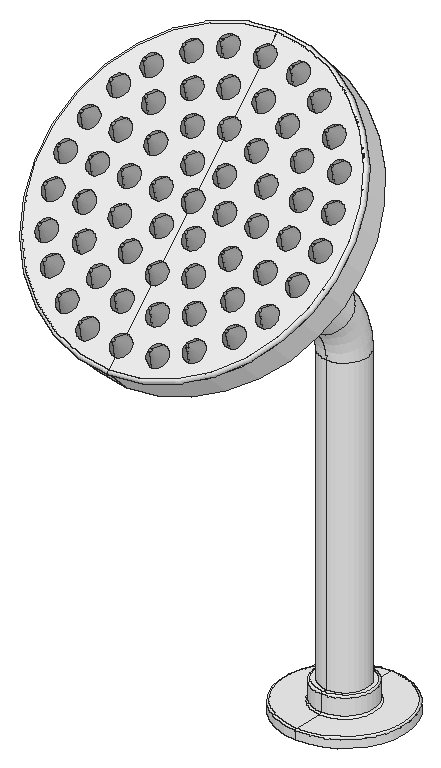
Revit family "Showerhead-Waterworks-Universal-6in_Rain", category Plumbing Fixtures, host Face, Revit 2014
Parameters (values of type "NOT A TYPE - Load Type Catalog")
  ‌Installation Requirements or Notes = "Shower Arm Sold Separately"  # constant formula
  Water Pressure = "Max: 85psi / Min: 20psi / Recommended: 45psi"  # constant formula
  Waste Connection = 1 = 0  # no
  Warranty = "http://www.waterworks.com/warranty"
  Version = "2014 - v1.0a"  # constant formula
  Vent Connection = 1 = 0  # no
  Support Phone = "(224) 699-9545"  # constant formula
  Support Email = "mailto:support@anguleris.com"
  Model SKU = if(Constraint = 1, "05-91802-17451", if(Constraint = 2, "05-32975-76709", if(Constraint = 3, "05-07424-16906", if(Constraint = 4, "05-19799-97665", if(Constraint = 5, "05-70720-85876", if(Constraint = 6, "05-73246-79172", if(Constraint = 7, "05-75429-38751", if(Constraint = 8, "05-06755-01645", if(Constraint = 9, "05-62353-66802", if(Constraint = 10, "05-26925-51770", if(Constraint = 11, "05-02722-94153", if(Constraint = 12, "05-61500-36924", if(Constraint = 13, "05-94303-66224", if(Constraint = 14, "05-48637-26631", if(Constraint = 15, "05-87581-84899", if(Constraint = 16, "05-75583-03809", if(Constraint = 17, "05-55188-02548", "Not Available")))))))))))))))))  # "05-91802-17451"
  Manufacturer Email = "mailto:acallanan@waterworks.com"
  Length = 0' - 5 15/16"  # constant formula
  Keynote = "22 40 00"
  Inlet Connection Diameter = 0' - 0 1/2"  # constant formula
  Water Connector = "Inlet - Female NPT"  # constant formula
  Height = 0' - 3 3/16"  # constant formula
  HW Connection = 1 = 1  # yes
  WFU = 0
  URL = "http://www.waterworks.com/"
  Product Page URL = "http://www.waterworks.com/universal-6-rain-shower-head-unsh29"
  Product Name = if(Constraint = 1, "Universal 6” Rain Shower Head in Antique Brass", if(Constraint = 2, "Universal 6” Rain Shower Head in Antique Copper", if(Constraint = 3, "Universal 6” Rain Shower Head in Architectural Bronze", if(Constraint = 4, "Universal 6” Rain Shower Head in Burnished Brass", if(Constraint = 5, "Universal 6” Rain Shower Head in Burnished Nickel", if(Constraint = 6, "Universal 6” Rain Shower Head in Carbon", if(Constraint = 7, "Universal 6” Rain Shower Head in Chrome", if(Constraint = 8, "Universal 6” Rain Shower Head in Gold", if(Constraint = 9, "Universal 6” Rain Shower Head in Graphite", if(Constraint = 10, "Universal 6” Rain Shower Head in Matte Gold", if(Constraint = 11, "Universal 6” Rain Shower Head in Matte Nickel", if(Constraint = 12, "Universal 6” Rain Shower Head in Nickel", if(Constraint = 13, "Universal 6” Rain Shower Head in Pewter", if(Constraint = 14, "Universal 6” Rain Shower Head in Shiny Copper", if(Constraint = 15, "Universal 6” Rain Shower Head in Sovereign", if(Constraint = 16, "Universal 6” Rain Shower Head in Unlacquered Brass", if(Constraint = 17, "Universal 6” Rain Shower Head in Vintage Brass", "Not Available")))))))))))))))))  # "Universal 6” Rain Shower Head in Antique Brass"
  Product Documentation Link = "http://assets.waterworks.com/wasset/101/original/35101.pdf"
  Pressure = 45.00 psi
  Model = "UNSH29"  # constant formula
  Material = ""
  Manufacturer Phone Number = "(203)546-6201"  # constant formula
  Manufacturer Address = "60 Backus Avenue, Danbury, CT 06810"  # constant formula
  Manufacturer = "Waterworks"  # constant formula
  HWFU = 0
  Finish = Metal - Waterworks - Chrome
  Domestic Water Flow Rate = 2 GPM  # constant formula
  Diameter of Head = 0' - 6"  # constant formula
  Description = if(Constraint = 1, "Universal 6” Rain Shower Head in Antique Brass", if(Constraint = 2, "Universal 6” Rain Shower Head in Antique Copper", if(Constraint = 3, "Universal 6” Rain Shower Head in Architectural Bronze", if(Constraint = 4, "Universal 6” Rain Shower Head in Burnished Brass", if(Constraint = 5, "Universal 6” Rain Shower Head in Burnished Nickel", if(Constraint = 6, "Universal 6” Rain Shower Head in Carbon", if(Constraint = 7, "Universal 6” Rain Shower Head in Chrome", if(Constraint = 8, "Universal 6” Rain Shower Head in Gold", if(Constraint = 9, "Universal 6” Rain Shower Head in Graphite", if(Constraint = 10, "Universal 6” Rain Shower Head in Matte Gold", if(Constraint = 11, "Universal 6” Rain Shower Head in Matte Nickel", if(Constraint = 12, "Universal 6” Rain Shower Head in Nickel", if(Constraint = 13, "Universal 6” Rain Shower Head in Pewter", if(Constraint = 14, "Universal 6” Rain Shower Head in Shiny Copper", if(Constraint = 15, "Universal 6” Rain Shower Head in Sovereign", if(Constraint = 16, "Universal 6” Rain Shower Head in Unlacquered Brass", if(Constraint = 17, "Universal 6” Rain Shower Head in Vintage Brass", "Not Available")))))))))))))))))  # "Universal 6” Rain Shower Head in Antique Brass"
  Depth = 0' - 5 15/16"  # constant formula
  Default Elevation = 6' - 6"
  Copyright = "@2017 Waterworks Operating Company LLC. All rights reserved"  # constant formula
  Constraint = 1
  Code Compliance = "Code # WWSH29: ASME A112.18.1 / CSA B125.1, IAPMO, State of MA, CEC, Watersense"  # constant formula
  Certification cUPC = 1 = 1  # yes
  Certification Watersense = 1 = 1  # yes
  Certification State of MA = 1 = 1  # yes
  Certification IAPMO = 1 = 1  # yes
  CWFU = 0
  CW Connection = 1 = 1  # yes
  Assembly Code = "D2010710"
  ADA Compliant = no
Reference planes (in)
  plane 1 "Center (Front/Back)": y = 0
  plane 2 "Back": z = 0
  plane 3 "Center (Left/Right)": x = 0
  plane 4 "Left": x = -1.1875
  plane 5 "Right": x = 1.1875
  plane 6 "Bottom": y = -2.125
  plane 7 "Spout Reach": z = 9
  plane 8 "Top": y = 1.1875
  plane 9: y = -1.1875
  plane 10: y = -0.4375
  plane 11: through (0, -1.64901, 12.65251) normal (0, -0.7071, 0.7071)
  plane 12: through (0, -1.81883, 12.82233) normal (0, -0.7071, 0.7071)
  plane 13 "Front": z = 12.66981
Forms (in)
  Revolve 1, solid, material "Metal - Waterworks - Chrome" <- "Finish"
    sketch origin (0, 0, 0) x (0, 1, 0) y (0, 0, 1)
      loop
        line (0, 0) -> (1.1875, 0) -> (1.1875, 0.15625)
        arc (1.1875, 0.15625) -> (1.17835, 0.17835) -> (1.15625, 0.1875) r 0.03125
        line (1.15625, 0.1875) -> (0.59375, 0.1875)
        arc (0.59375, 0.1875) -> (0.57165, 0.19665) -> (0.5625, 0.21875) r 0.03125
        line (0.5625, 0.21875) -> (0.5625, 0.53125)
        arc (0.5625, 0.53125) -> (0.55335, 0.55335) -> (0.53125, 0.5625) r 0.03125
        line (0.53125, 0.5625) -> (0.4375, 0.5625) -> (0.4375, 0.53125) -> (0, 0.53125) -> (0, 0)
      axis (0, 0.5625) -> (0, 0)
    angle from 0 to 360
  Sweep 2, solid, material "Metal - Waterworks - Chrome" <- "Finish"
    path origin (0, 0, 0) x (0, 1, 0) y (0, 0, 1)
      loop
        line (0, 0.53125) -> (0, 6.35723)
        arc (0, 6.35723) -> (-0.09515, 6.83559) -> (-0.36612, 7.24112) r 1.25
        line (-0.36612, 7.24112) -> (-1.3743, 8.2493)
    profile origin (0, 0, 3.44424) x (0, -1, 0) y (1, 0, 0)
      loop
        circle (0, 0) r 0.4375
  Revolve 3, solid, material "Metal - Waterworks - Chrome" <- "Finish"
    sketch origin (0, 0, 0) x (0, 1, 0) y (0, 0, 1)
      loop
        line (-1.13123, 8.49236) -> (-1.19752, 8.55866) -> (-1.1107, 8.64548) -> (-1.47036, 9.00514) -> (-1.61458, 8.9879) -> (-1.64896, 9.02228)
        arc (-1.64896, 9.02228) -> (-1.64924, 9.05711) -> (-1.65189, 9.09183) r 0.51181
        line (-1.65189, 9.09183) -> (-1.51813, 9.22559) -> (-1.68795, 9.39541) -> (-1.6518, 9.43156) -> (-1.91348, 9.69325) -> (-1.71165, 9.89508) -> (-2.58022, 10.76365) -> (-1.14374, 12.20013) -> (-1.53905, 12.59545) -> (-1.5655, 12.569)
        arc (-1.5655, 12.569) -> (-1.5655, 12.65251) -> (-1.64901, 12.65251) r 0.05906
        line (-1.64901, 12.65251) -> (-3.71326, 10.58826) -> (-1.3743, 8.2493) -> (-1.13123, 8.49236)
      axis (-1.3743, 8.2493) -> (-3.71326, 10.58826)
    angle from 0 to 360
  Blend 4, solid, material "Rubber - Waterworks - Gray"
    base sketch origin (0, -1.64901, 12.65251) x (0, 0.707107, 0.707107) y (-1, 0, 0)
      loop
        circle (-2.91929, 0) r 0.19727
    top sketch origin (0, -1.64901, 12.65251) x (0, 0.707107, 0.707107) y (-1, 0, 0)
      loop
        circle (-2.91929, 0) r 0.0332
    from 0 to 0.24016
  Blend 5, solid, material "Rubber - Waterworks - Gray"
    base sketch origin (0, -0.76513, 13.5364) x (0, 0.707107, 0.707107) y (-1, 0, 0)
      loop
        circle (-2.91929, 0) r 0.19727
    top sketch origin (0, -0.76513, 13.5364) x (0, 0.707107, 0.707107) y (-1, 0, 0)
      loop
        circle (-2.91929, 0) r 0.0332
    from 0 to 0.24016
  Blend 6, solid, material "Rubber - Waterworks - Gray"
    base sketch origin (0, 0.11875, 14.42028) x (0, 0.707107, 0.707107) y (-1, 0, 0)
      loop
        circle (-2.91929, 0) r 0.19727
    top sketch origin (0, 0.11875, 14.42028) x (0, 0.707107, 0.707107) y (-1, 0, 0)
      loop
        circle (-2.91929, 0) r 0.0332
    from 0 to 0.24016
  Blend 7, solid, material "Rubber - Waterworks - Gray"
    base sketch origin (-0.34375, -0.34412, 13.9574) x (0, 0.707107, 0.707107) y (-1, 0, 0)
      loop
        circle (-2.91929, 0) r 0.19727
    top sketch origin (-0.34375, -0.34412, 13.9574) x (0, 0.707107, 0.707107) y (-1, 0, 0)
      loop
        circle (-2.91929, 0) r 0.0332
    from 0 to 0.24016
  Blend 8, solid, material "Rubber - Waterworks - Gray"
    base sketch origin (-0.6875, 0.07688, 14.37841) x (0, 0.707107, 0.707107) y (-1, 0, 0)
      loop
        circle (-2.91929, 0) r 0.19727
    top sketch origin (-0.6875, 0.07688, 14.37841) x (0, 0.707107, 0.707107) y (-1, 0, 0)
      loop
        circle (-2.91929, 0) r 0.0332
    from 0 to 0.24016
  Blend 9, solid, material "Rubber - Waterworks - Gray"
    base sketch origin (-0.3125, -1.26628, 13.03525) x (0, 0.707107, 0.707107) y (-1, 0, 0)
      loop
        circle (-2.91929, 0) r 0.19727
    top sketch origin (-0.3125, -1.26628, 13.03525) x (0, 0.707107, 0.707107) y (-1, 0, 0)
      loop
        circle (-2.91929, 0) r 0.0332
    from 0 to 0.24016
  Blend 10, solid, material "Rubber - Waterworks - Gray"
    base sketch origin (-0.625, -0.88355, 13.41798) x (0, 0.707107, 0.707107) y (-1, 0, 0)
      loop
        circle (-2.91929, 0) r 0.19727
    top sketch origin (-0.625, -0.88355, 13.41798) x (0, 0.707107, 0.707107) y (-1, 0, 0)
      loop
        circle (-2.91929, 0) r 0.0332
    from 0 to 0.24016
  Blend 11, solid, material "Rubber - Waterworks - Gray"
    base sketch origin (-0.9375, -0.50081, 13.80071) x (0, 0.707107, 0.707107) y (-1, 0, 0)
      loop
        circle (-2.91929, 0) r 0.19727
    top sketch origin (-0.9375, -0.50081, 13.80071) x (0, 0.707107, 0.707107) y (-1, 0, 0)
      loop
        circle (-2.91929, 0) r 0.0332
    from 0 to 0.24016
  Blend 12, solid, material "Rubber - Waterworks - Gray"
    base sketch origin (-1.25, -0.11808, 14.18345) x (0, 0.707107, 0.707107) y (-1, 0, 0)
      loop
        circle (-2.91929, 0) r 0.19727
    top sketch origin (-1.25, -0.11808, 14.18345) x (0, 0.707107, 0.707107) y (-1, 0, 0)
      loop
        circle (-2.91929, 0) r 0.0332
    from 0 to 0.24016
  Blend 13, solid, material "Rubber - Waterworks - Gray"
    base sketch origin (-0.625, -1.64901, 12.65251) x (0, 0.707107, 0.707107) y (-1, 0, 0)
      loop
        circle (-2.91929, 0) r 0.19727
    top sketch origin (-0.625, -1.64901, 12.65251) x (0, 0.707107, 0.707107) y (-1, 0, 0)
      loop
        circle (-2.91929, 0) r 0.0332
    from 0 to 0.24016
  Blend 14, solid, material "Rubber - Waterworks - Gray"
    base sketch origin (-1.25, -1.64901, 12.65251) x (0, 0.707107, 0.707107) y (-1, 0, 0)
      loop
        circle (-2.91929, 0) r 0.19727
    top sketch origin (-1.25, -1.64901, 12.65251) x (0, 0.707107, 0.707107) y (-1, 0, 0)
      loop
        circle (-2.91929, 0) r 0.0332
    from 0 to 0.24016
  Blend 15, solid, material "Rubber - Waterworks - Gray"
    base sketch origin (-1.875, -1.64901, 12.65251) x (0, 0.707107, 0.707107) y (-1, 0, 0)
      loop
        circle (-2.91929, 0) r 0.19727
    top sketch origin (-1.875, -1.64901, 12.65251) x (0, 0.707107, 0.707107) y (-1, 0, 0)
      loop
        circle (-2.91929, 0) r 0.0332
    from 0 to 0.24016
  Blend 16, solid, material "Rubber - Waterworks - Gray"
    base sketch origin (-2.5, -1.64901, 12.65251) x (0, 0.707107, 0.707107) y (-1, 0, 0)
      loop
        circle (-2.91929, 0) r 0.19727
    top sketch origin (-2.5, -1.64901, 12.65251) x (0, 0.707107, 0.707107) y (-1, 0, 0)
      loop
        circle (-2.91929, 0) r 0.0332
    from 0 to 0.24016
  Blend 17, solid, material "Rubber - Waterworks - Gray"
    base sketch origin (-1.08253, -1.20707, 13.09446) x (0, 0.707107, 0.707107) y (-1, 0, 0)
      loop
        circle (-2.91929, 0) r 0.19727
    top sketch origin (-1.08253, -1.20707, 13.09446) x (0, 0.707107, 0.707107) y (-1, 0, 0)
      loop
        circle (-2.91929, 0) r 0.0332
    from 0 to 0.24016
  Blend 18, solid, material "Rubber - Waterworks - Gray"
    base sketch origin (-2.16506, -0.76513, 13.5364) x (0, 0.707107, 0.707107) y (-1, 0, 0)
      loop
        circle (-2.91929, 0) r 0.19727
    top sketch origin (-2.16506, -0.76513, 13.5364) x (0, 0.707107, 0.707107) y (-1, 0, 0)
      loop
        circle (-2.91929, 0) r 0.0332
    from 0 to 0.24016
  Blend 19, solid, material "Rubber - Waterworks - Gray"
    base sketch origin (-1.77003, -1.20707, 13.09446) x (0, 0.707107, 0.707107) y (-1, 0, 0)
      loop
        circle (-2.91929, 0) r 0.19727
    top sketch origin (-1.77003, -1.20707, 13.09446) x (0, 0.707107, 0.707107) y (-1, 0, 0)
      loop
        circle (-2.91929, 0) r 0.0332
    from 0 to 0.24016
  Blend 20, solid, material "Rubber - Waterworks - Gray"
    base sketch origin (-2.39503, -1.20707, 13.09446) x (0, 0.707107, 0.707107) y (-1, 0, 0)
      loop
        circle (-2.91929, 0) r 0.19727
    top sketch origin (-2.39503, -1.20707, 13.09446) x (0, 0.707107, 0.707107) y (-1, 0, 0)
      loop
        circle (-2.91929, 0) r 0.0332
    from 0 to 0.24016
  Blend 21, solid, material "Rubber - Waterworks - Gray"
    base sketch origin (-1.45697, -0.79936, 13.50216) x (0, 0.707107, 0.707107) y (-1, 0, 0)
      loop
        circle (-2.91929, 0) r 0.19727
    top sketch origin (-1.45697, -0.79936, 13.50216) x (0, 0.707107, 0.707107) y (-1, 0, 0)
      loop
        circle (-2.91929, 0) r 0.0332
    from 0 to 0.24016
  Blend 22, solid, material "Rubber - Waterworks - Gray"
    base sketch origin (-1.78817, -0.42458, 13.87695) x (0, 0.707107, 0.707107) y (-1, 0, 0)
      loop
        circle (-2.91929, 0) r 0.19727
    top sketch origin (-1.78817, -0.42458, 13.87695) x (0, 0.707107, 0.707107) y (-1, 0, 0)
      loop
        circle (-2.91929, 0) r 0.0332
    from 0 to 0.24016
  Blend 23, solid, material "Rubber - Waterworks - Gray"
    base sketch origin (0.34375, -0.34412, 13.9574) x (0, 0.707107, 0.707107) y (-1, 0, 0)
      loop
        circle (-2.91929, 0) r 0.19727
    top sketch origin (0.34375, -0.34412, 13.9574) x (0, 0.707107, 0.707107) y (-1, 0, 0)
      loop
        circle (-2.91929, 0) r 0.0332
    from 0 to 0.24016
  Blend 24, solid, material "Rubber - Waterworks - Gray"
    base sketch origin (0.6875, 0.07688, 14.37841) x (0, 0.707107, 0.707107) y (-1, 0, 0)
      loop
        circle (-2.91929, 0) r 0.19727
    top sketch origin (0.6875, 0.07688, 14.37841) x (0, 0.707107, 0.707107) y (-1, 0, 0)
      loop
        circle (-2.91929, 0) r 0.0332
    from 0 to 0.24016
  Blend 25, solid, material "Rubber - Waterworks - Gray"
    base sketch origin (0.3125, -1.26628, 13.03525) x (0, 0.707107, 0.707107) y (-1, 0, 0)
      loop
        circle (-2.91929, 0) r 0.19727
    top sketch origin (0.3125, -1.26628, 13.03525) x (0, 0.707107, 0.707107) y (-1, 0, 0)
      loop
        circle (-2.91929, 0) r 0.0332
    from 0 to 0.24016
  Blend 26, solid, material "Rubber - Waterworks - Gray"
    base sketch origin (0.625, -0.88355, 13.41798) x (0, 0.707107, 0.707107) y (-1, 0, 0)
      loop
        circle (-2.91929, 0) r 0.19727
    top sketch origin (0.625, -0.88355, 13.41798) x (0, 0.707107, 0.707107) y (-1, 0, 0)
      loop
        circle (-2.91929, 0) r 0.0332
    from 0 to 0.24016
  Blend 27, solid, material "Rubber - Waterworks - Gray"
    base sketch origin (0.9375, -0.50081, 13.80071) x (0, 0.707107, 0.707107) y (-1, 0, 0)
      loop
        circle (-2.91929, 0) r 0.19727
    top sketch origin (0.9375, -0.50081, 13.80071) x (0, 0.707107, 0.707107) y (-1, 0, 0)
      loop
        circle (-2.91929, 0) r 0.0332
    from 0 to 0.24016
  Blend 28, solid, material "Rubber - Waterworks - Gray"
    base sketch origin (1.25, -0.11808, 14.18345) x (0, 0.707107, 0.707107) y (-1, 0, 0)
      loop
        circle (-2.91929, 0) r 0.19727
    top sketch origin (1.25, -0.11808, 14.18345) x (0, 0.707107, 0.707107) y (-1, 0, 0)
      loop
        circle (-2.91929, 0) r 0.0332
    from 0 to 0.24016
  Blend 29, solid, material "Rubber - Waterworks - Gray"
    base sketch origin (0.625, -1.64901, 12.65251) x (0, 0.707107, 0.707107) y (-1, 0, 0)
      loop
        circle (-2.91929, 0) r 0.19727
    top sketch origin (0.625, -1.64901, 12.65251) x (0, 0.707107, 0.707107) y (-1, 0, 0)
      loop
        circle (-2.91929, 0) r 0.0332
    from 0 to 0.24016
  Blend 30, solid, material "Rubber - Waterworks - Gray"
    base sketch origin (1.25, -1.64901, 12.65251) x (0, 0.707107, 0.707107) y (-1, 0, 0)
      loop
        circle (-2.91929, 0) r 0.19727
    top sketch origin (1.25, -1.64901, 12.65251) x (0, 0.707107, 0.707107) y (-1, 0, 0)
      loop
        circle (-2.91929, 0) r 0.0332
    from 0 to 0.24016
  Blend 31, solid, material "Rubber - Waterworks - Gray"
    base sketch origin (1.875, -1.64901, 12.65251) x (0, 0.707107, 0.707107) y (-1, 0, 0)
      loop
        circle (-2.91929, 0) r 0.19727
    top sketch origin (1.875, -1.64901, 12.65251) x (0, 0.707107, 0.707107) y (-1, 0, 0)
      loop
        circle (-2.91929, 0) r 0.0332
    from 0 to 0.24016
  Blend 32, solid, material "Rubber - Waterworks - Gray"
    base sketch origin (2.5, -1.64901, 12.65251) x (0, 0.707107, 0.707107) y (-1, 0, 0)
      loop
        circle (-2.91929, 0) r 0.19727
    top sketch origin (2.5, -1.64901, 12.65251) x (0, 0.707107, 0.707107) y (-1, 0, 0)
      loop
        circle (-2.91929, 0) r 0.0332
    from 0 to 0.24016
  Blend 33, solid, material "Rubber - Waterworks - Gray"
    base sketch origin (1.08253, -1.20707, 13.09446) x (0, 0.707107, 0.707107) y (-1, 0, 0)
      loop
        circle (-2.91929, 0) r 0.19727
    top sketch origin (1.08253, -1.20707, 13.09446) x (0, 0.707107, 0.707107) y (-1, 0, 0)
      loop
        circle (-2.91929, 0) r 0.0332
    from 0 to 0.24016
  Blend 34, solid, material "Rubber - Waterworks - Gray"
    base sketch origin (2.16506, -0.76513, 13.5364) x (0, 0.707107, 0.707107) y (-1, 0, 0)
      loop
        circle (-2.91929, 0) r 0.19727
    top sketch origin (2.16506, -0.76513, 13.5364) x (0, 0.707107, 0.707107) y (-1, 0, 0)
      loop
        circle (-2.91929, 0) r 0.0332
    from 0 to 0.24016
  Blend 35, solid, material "Rubber - Waterworks - Gray"
    base sketch origin (1.77003, -1.20707, 13.09446) x (0, 0.707107, 0.707107) y (-1, 0, 0)
      loop
        circle (-2.91929, 0) r 0.19727
    top sketch origin (1.77003, -1.20707, 13.09446) x (0, 0.707107, 0.707107) y (-1, 0, 0)
      loop
        circle (-2.91929, 0) r 0.0332
    from 0 to 0.24016
  Blend 36, solid, material "Rubber - Waterworks - Gray"
    base sketch origin (2.39503, -1.20707, 13.09446) x (0, 0.707107, 0.707107) y (-1, 0, 0)
      loop
        circle (-2.91929, 0) r 0.19727
    top sketch origin (2.39503, -1.20707, 13.09446) x (0, 0.707107, 0.707107) y (-1, 0, 0)
      loop
        circle (-2.91929, 0) r 0.0332
    from 0 to 0.24016
  Blend 37, solid, material "Rubber - Waterworks - Gray"
    base sketch origin (1.45697, -0.79936, 13.50216) x (0, 0.707107, 0.707107) y (-1, 0, 0)
      loop
        circle (-2.91929, 0) r 0.19727
    top sketch origin (1.45697, -0.79936, 13.50216) x (0, 0.707107, 0.707107) y (-1, 0, 0)
      loop
        circle (-2.91929, 0) r 0.0332
    from 0 to 0.24016
  Blend 38, solid, material "Rubber - Waterworks - Gray"
    base sketch origin (1.78817, -0.42458, 13.87695) x (0, 0.707107, 0.707107) y (-1, 0, 0)
      loop
        circle (-2.91929, 0) r 0.19727
    top sketch origin (1.78817, -0.42458, 13.87695) x (0, 0.707107, 0.707107) y (-1, 0, 0)
      loop
        circle (-2.91929, 0) r 0.0332
    from 0 to 0.24016
  Blend 39, solid, material "Rubber - Waterworks - Gray"
    base sketch origin (0, -6.6614, 7.64013) x (0, -0.707107, -0.707107) y (1, 0, 0)
      loop
        circle (-2.91929, 0) r 0.19727
    top sketch origin (0, -6.6614, 7.64013) x (0, -0.707107, -0.707107) y (1, 0, 0)
      loop
        circle (-2.91929, 0) r 0.0332
    from 0 to 0.24016
  Blend 40, solid, material "Rubber - Waterworks - Gray"
    base sketch origin (0, -7.54528, 6.75625) x (0, -0.707107, -0.707107) y (1, 0, 0)
      loop
        circle (-2.91929, 0) r 0.19727
    top sketch origin (0, -7.54528, 6.75625) x (0, -0.707107, -0.707107) y (1, 0, 0)
      loop
        circle (-2.91929, 0) r 0.0332
    from 0 to 0.24016
  Blend 41, solid, material "Rubber - Waterworks - Gray"
    base sketch origin (-0.34375, -7.0824, 7.21912) x (0, -0.707107, -0.707107) y (1, 0, 0)
      loop
        circle (-2.91929, 0) r 0.19727
    top sketch origin (-0.34375, -7.0824, 7.21912) x (0, -0.707107, -0.707107) y (1, 0, 0)
      loop
        circle (-2.91929, 0) r 0.0332
    from 0 to 0.24016
  Blend 42, solid, material "Rubber - Waterworks - Gray"
    base sketch origin (-0.6875, -7.50341, 6.79812) x (0, -0.707107, -0.707107) y (1, 0, 0)
      loop
        circle (-2.91929, 0) r 0.19727
    top sketch origin (-0.6875, -7.50341, 6.79812) x (0, -0.707107, -0.707107) y (1, 0, 0)
      loop
        circle (-2.91929, 0) r 0.0332
    from 0 to 0.24016
  Blend 43, solid, material "Rubber - Waterworks - Gray"
    base sketch origin (-0.3125, -6.16025, 8.14128) x (0, -0.707107, -0.707107) y (1, 0, 0)
      loop
        circle (-2.91929, 0) r 0.19727
    top sketch origin (-0.3125, -6.16025, 8.14128) x (0, -0.707107, -0.707107) y (1, 0, 0)
      loop
        circle (-2.91929, 0) r 0.0332
    from 0 to 0.24016
  Blend 44, solid, material "Rubber - Waterworks - Gray"
    base sketch origin (-0.625, -6.54298, 7.75855) x (0, -0.707107, -0.707107) y (1, 0, 0)
      loop
        circle (-2.91929, 0) r 0.19727
    top sketch origin (-0.625, -6.54298, 7.75855) x (0, -0.707107, -0.707107) y (1, 0, 0)
      loop
        circle (-2.91929, 0) r 0.0332
    from 0 to 0.24016
  Blend 45, solid, material "Rubber - Waterworks - Gray"
    base sketch origin (-0.9375, -6.92571, 7.37581) x (0, -0.707107, -0.707107) y (1, 0, 0)
      loop
        circle (-2.91929, 0) r 0.19727
    top sketch origin (-0.9375, -6.92571, 7.37581) x (0, -0.707107, -0.707107) y (1, 0, 0)
      loop
        circle (-2.91929, 0) r 0.0332
    from 0 to 0.24016
  Blend 46, solid, material "Rubber - Waterworks - Gray"
    base sketch origin (-1.25, -7.30845, 6.99308) x (0, -0.707107, -0.707107) y (1, 0, 0)
      loop
        circle (-2.91929, 0) r 0.19727
    top sketch origin (-1.25, -7.30845, 6.99308) x (0, -0.707107, -0.707107) y (1, 0, 0)
      loop
        circle (-2.91929, 0) r 0.0332
    from 0 to 0.24016
  Blend 47, solid, material "Rubber - Waterworks - Gray"
    base sketch origin (-1.08253, -6.21946, 8.08207) x (0, -0.707107, -0.707107) y (1, 0, 0)
      loop
        circle (-2.91929, 0) r 0.19727
    top sketch origin (-1.08253, -6.21946, 8.08207) x (0, -0.707107, -0.707107) y (1, 0, 0)
      loop
        circle (-2.91929, 0) r 0.0332
    from 0 to 0.24016
  Blend 48, solid, material "Rubber - Waterworks - Gray"
    base sketch origin (-2.16506, -6.6614, 7.64013) x (0, -0.707107, -0.707107) y (1, 0, 0)
      loop
        circle (-2.91929, 0) r 0.19727
    top sketch origin (-2.16506, -6.6614, 7.64013) x (0, -0.707107, -0.707107) y (1, 0, 0)
      loop
        circle (-2.91929, 0) r 0.0332
    from 0 to 0.24016
  Blend 49, solid, material "Rubber - Waterworks - Gray"
    base sketch origin (-1.77003, -6.21946, 8.08207) x (0, -0.707107, -0.707107) y (1, 0, 0)
      loop
        circle (-2.91929, 0) r 0.19727
    top sketch origin (-1.77003, -6.21946, 8.08207) x (0, -0.707107, -0.707107) y (1, 0, 0)
      loop
        circle (-2.91929, 0) r 0.0332
    from 0 to 0.24016
  Blend 50, solid, material "Rubber - Waterworks - Gray"
    base sketch origin (-2.39503, -6.21946, 8.08207) x (0, -0.707107, -0.707107) y (1, 0, 0)
      loop
        circle (-2.91929, 0) r 0.19727
    top sketch origin (-2.39503, -6.21946, 8.08207) x (0, -0.707107, -0.707107) y (1, 0, 0)
      loop
        circle (-2.91929, 0) r 0.0332
    from 0 to 0.24016
  Blend 51, solid, material "Rubber - Waterworks - Gray"
    base sketch origin (-1.45697, -6.62716, 7.67436) x (0, -0.707107, -0.707107) y (1, 0, 0)
      loop
        circle (-2.91929, 0) r 0.19727
    top sketch origin (-1.45697, -6.62716, 7.67436) x (0, -0.707107, -0.707107) y (1, 0, 0)
      loop
        circle (-2.91929, 0) r 0.0332
    from 0 to 0.24016
  Blend 52, solid, material "Rubber - Waterworks - Gray"
    base sketch origin (-1.78817, -7.00195, 7.29958) x (0, -0.707107, -0.707107) y (1, 0, 0)
      loop
        circle (-2.91929, 0) r 0.19727
    top sketch origin (-1.78817, -7.00195, 7.29958) x (0, -0.707107, -0.707107) y (1, 0, 0)
      loop
        circle (-2.91929, 0) r 0.0332
    from 0 to 0.24016
  Blend 53, solid, material "Rubber - Waterworks - Gray"
    base sketch origin (0.34375, -7.0824, 7.21912) x (0, -0.707107, -0.707107) y (1, 0, 0)
      loop
        circle (-2.91929, 0) r 0.19727
    top sketch origin (0.34375, -7.0824, 7.21912) x (0, -0.707107, -0.707107) y (1, 0, 0)
      loop
        circle (-2.91929, 0) r 0.0332
    from 0 to 0.24016
  Blend 54, solid, material "Rubber - Waterworks - Gray"
    base sketch origin (0.6875, -7.50341, 6.79812) x (0, -0.707107, -0.707107) y (1, 0, 0)
      loop
        circle (-2.91929, 0) r 0.19727
    top sketch origin (0.6875, -7.50341, 6.79812) x (0, -0.707107, -0.707107) y (1, 0, 0)
      loop
        circle (-2.91929, 0) r 0.0332
    from 0 to 0.24016
  Blend 55, solid, material "Rubber - Waterworks - Gray"
    base sketch origin (0.3125, -6.16025, 8.14128) x (0, -0.707107, -0.707107) y (1, 0, 0)
      loop
        circle (-2.91929, 0) r 0.19727
    top sketch origin (0.3125, -6.16025, 8.14128) x (0, -0.707107, -0.707107) y (1, 0, 0)
      loop
        circle (-2.91929, 0) r 0.0332
    from 0 to 0.24016
  Blend 56, solid, material "Rubber - Waterworks - Gray"
    base sketch origin (0.625, -6.54298, 7.75855) x (0, -0.707107, -0.707107) y (1, 0, 0)
      loop
        circle (-2.91929, 0) r 0.19727
    top sketch origin (0.625, -6.54298, 7.75855) x (0, -0.707107, -0.707107) y (1, 0, 0)
      loop
        circle (-2.91929, 0) r 0.0332
    from 0 to 0.24016
  Blend 57, solid, material "Rubber - Waterworks - Gray"
    base sketch origin (0.9375, -6.92571, 7.37581) x (0, -0.707107, -0.707107) y (1, 0, 0)
      loop
        circle (-2.91929, 0) r 0.19727
    top sketch origin (0.9375, -6.92571, 7.37581) x (0, -0.707107, -0.707107) y (1, 0, 0)
      loop
        circle (-2.91929, 0) r 0.0332
    from 0 to 0.24016
  Blend 58, solid, material "Rubber - Waterworks - Gray"
    base sketch origin (1.25, -7.30845, 6.99308) x (0, -0.707107, -0.707107) y (1, 0, 0)
      loop
        circle (-2.91929, 0) r 0.19727
    top sketch origin (1.25, -7.30845, 6.99308) x (0, -0.707107, -0.707107) y (1, 0, 0)
      loop
        circle (-2.91929, 0) r 0.0332
    from 0 to 0.24016
  Blend 59, solid, material "Rubber - Waterworks - Gray"
    base sketch origin (1.08253, -6.21946, 8.08207) x (0, -0.707107, -0.707107) y (1, 0, 0)
      loop
        circle (-2.91929, 0) r 0.19727
    top sketch origin (1.08253, -6.21946, 8.08207) x (0, -0.707107, -0.707107) y (1, 0, 0)
      loop
        circle (-2.91929, 0) r 0.0332
    from 0 to 0.24016
  Blend 60, solid, material "Rubber - Waterworks - Gray"
    base sketch origin (2.16506, -6.6614, 7.64013) x (0, -0.707107, -0.707107) y (1, 0, 0)
      loop
        circle (-2.91929, 0) r 0.19727
    top sketch origin (2.16506, -6.6614, 7.64013) x (0, -0.707107, -0.707107) y (1, 0, 0)
      loop
        circle (-2.91929, 0) r 0.0332
    from 0 to 0.24016
  Blend 61, solid, material "Rubber - Waterworks - Gray"
    base sketch origin (1.77003, -6.21946, 8.08207) x (0, -0.707107, -0.707107) y (1, 0, 0)
      loop
        circle (-2.91929, 0) r 0.19727
    top sketch origin (1.77003, -6.21946, 8.08207) x (0, -0.707107, -0.707107) y (1, 0, 0)
      loop
        circle (-2.91929, 0) r 0.0332
    from 0 to 0.24016
  Blend 62, solid, material "Rubber - Waterworks - Gray"
    base sketch origin (2.39503, -6.21946, 8.08207) x (0, -0.707107, -0.707107) y (1, 0, 0)
      loop
        circle (-2.91929, 0) r 0.19727
    top sketch origin (2.39503, -6.21946, 8.08207) x (0, -0.707107, -0.707107) y (1, 0, 0)
      loop
        circle (-2.91929, 0) r 0.0332
    from 0 to 0.24016
  Blend 63, solid, material "Rubber - Waterworks - Gray"
    base sketch origin (1.45697, -6.62716, 7.67436) x (0, -0.707107, -0.707107) y (1, 0, 0)
      loop
        circle (-2.91929, 0) r 0.19727
    top sketch origin (1.45697, -6.62716, 7.67436) x (0, -0.707107, -0.707107) y (1, 0, 0)
      loop
        circle (-2.91929, 0) r 0.0332
    from 0 to 0.24016
  Blend 64, solid, material "Rubber - Waterworks - Gray"
    base sketch origin (1.78817, -7.00195, 7.29958) x (0, -0.707107, -0.707107) y (1, 0, 0)
      loop
        circle (-2.91929, 0) r 0.19727
    top sketch origin (1.78817, -7.00195, 7.29958) x (0, -0.707107, -0.707107) y (1, 0, 0)
      loop
        circle (-2.91929, 0) r 0.0332
    from 0 to 0.24016
Lines and regions (in)
  Masking region 1, detail levels coarse
    outline origin (0, 1.1875, 3.625) x (0, 0, -1) y (-1, 0, 0)
      loop
        line (3.4375, -0.4375) -> (3.4375, -1.1875) -> (3.625, -1.1875) -> (3.625, 1.1875) -> (3.4375, 1.1875) -> (3.4375, 0.4375) -> (-4.41675, 0.4375)
        spline (-4.41675, 0.4375) -> (-4.46784, 0.7802) -> (-4.54722, 1.11195) -> (-4.65379, 1.4281) -> (-4.78604, 1.72421) -> (-4.94212, 1.99613) -> (-5.11984, 2.24004) -> (-5.31671, 2.45252) -> (-5.52996, 2.63059) -> (-5.75661, 2.77175) -> (-5.99347, 2.87401) -> (-6.23722, 2.93595) -> (-6.48444, 2.95669)
        line (-6.48444, 2.95669) -> (-6.95411, 2.95669)
        spline (-6.95411, 2.95669) -> (-7.49523, 2.85595) -> (-7.99946, 2.56057) -> (-8.43246, 2.0907) -> (-8.76471, 1.47835) -> (-8.97357, 0.76525) -> (-9.04481, 0) -> (-8.97357, -0.76525) -> (-8.76471, -1.47835) -> (-8.43246, -2.0907) -> (-7.99946, -2.56057) -> (-7.49523, -2.85595) -> (-6.95411, -2.95669)
        line (-6.95411, -2.95669) -> (-6.48444, -2.95669)
        spline (-6.48444, -2.95669) -> (-6.23722, -2.93595) -> (-5.99347, -2.87401) -> (-5.75661, -2.77175) -> (-5.52996, -2.63059) -> (-5.31671, -2.45252) -> (-5.11984, -2.24004) -> (-4.94212, -1.99613) -> (-4.78604, -1.72421) -> (-4.65379, -1.4281) -> (-4.54722, -1.11195) -> (-4.46784, -0.7802) -> (-4.41675, -0.4375)
        line (-4.41675, -0.4375) -> (3.4375, -0.4375)
  Masking region 2, detail levels medium+fine
    outline origin (0, 1.1875, 3.625) x (0, 0, -1) y (-1, 0, 0)
      loop
        line (3.0625, -0.4375) -> (3.0625, -0.53125)
        arc (3.0625, -0.53125) -> (3.07165, -0.55335) -> (3.09375, -0.5625) r 0.03125
        line (3.09375, -0.5625) -> (3.40625, -0.5625)
        arc (3.40625, -0.5625) -> (3.42835, -0.57165) -> (3.4375, -0.59375) r 0.03125
        line (3.4375, -0.59375) -> (3.4375, -1.15625)
        arc (3.4375, -1.15625) -> (3.44665, -1.17835) -> (3.46875, -1.1875) r 0.03125
        line (3.46875, -1.1875) -> (3.625, -1.1875) -> (3.625, 1.1875) -> (3.46875, 1.1875)
        arc (3.46875, 1.1875) -> (3.44665, 1.17835) -> (3.4375, 1.15625) r 0.03125
        line (3.4375, 1.15625) -> (3.4375, 0.59375)
        arc (3.4375, 0.59375) -> (3.42835, 0.57165) -> (3.40625, 0.5625) r 0.03125
        line (3.40625, 0.5625) -> (3.09375, 0.5625)
        arc (3.09375, 0.5625) -> (3.07165, 0.55335) -> (3.0625, 0.53125) r 0.03125
        line (3.0625, 0.53125) -> (3.0625, 0.4375) -> (-4.41675, 0.4375)
        spline (-4.41675, 0.4375) -> (-4.46784, 0.7802) -> (-4.54722, 1.11195) -> (-4.65379, 1.4281) -> (-4.78604, 1.72421) -> (-4.94212, 1.99613) -> (-5.11984, 2.24004) -> (-5.31671, 2.45252) -> (-5.52996, 2.63059) -> (-5.75661, 2.77175) -> (-5.99347, 2.87401) -> (-6.23722, 2.93595) -> (-6.48444, 2.95669)
        line (-6.48444, 2.95669) -> (-6.66118, 2.95669)
        spline (-6.66118, 2.95669) -> (-7.25885, 2.9397) -> (-7.82955, 2.69062) -> (-8.32823, 2.22913) -> (-8.71551, 1.59166) -> (-8.96083, 0.82854) -> (-9.04481, 0) -> (-8.96083, -0.82854) -> (-8.71551, -1.59166) -> (-8.32823, -2.22913) -> (-7.82955, -2.69062) -> (-7.25885, -2.9397) -> (-6.66118, -2.95669)
        line (-6.66118, -2.95669) -> (-6.48444, -2.95669)
        spline (-6.48444, -2.95669) -> (-6.23722, -2.93595) -> (-5.99347, -2.87401) -> (-5.75661, -2.77175) -> (-5.52996, -2.63059) -> (-5.31671, -2.45252) -> (-5.11984, -2.24004) -> (-4.94212, -1.99613) -> (-4.78604, -1.72421) -> (-4.65379, -1.4281) -> (-4.54722, -1.11195) -> (-4.46784, -0.7802) -> (-4.41675, -0.4375)
        line (-4.41675, -0.4375) -> (3.0625, -0.4375)
  symbolic lines, style "Medium", detail levels fine
    curve 1: spline (-2.95669, 1.1875, 10.50475) -> (-2.85595, 1.1875, 11.04586) -> (-2.56057, 1.1875, 11.5501) -> (-2.0907, 1.1875, 11.98309) -> (-1.47835, 1.1875, 12.31534) -> (-0.76525, 1.1875, 12.52421) -> (0, 1.1875, 12.59545) -> (0.76525, 1.1875, 12.52421) -> (1.47835, 1.1875, 12.31534) -> (2.0907, 1.1875, 11.98309) -> (2.56057, 1.1875, 11.5501) -> (2.85595, 1.1875, 11.04586) -> (2.95669, 1.1875, 10.50475)
    curve 2: line (2.95669, 1.1875, 10.50475) -> (2.95669, 1.1875, 10.28618)
    curve 3: line (-2.95669, 1.1875, 10.50475) -> (-2.95669, 1.1875, 10.28618)
    curve 4: spline (-0.9252, 1.1875, 10.10944) -> (-0.89367, 1.1875, 10.27876) -> (-0.80124, 1.1875, 10.43654) -> (-0.65421, 1.1875, 10.57203) -> (-0.4626, 1.1875, 10.676) -> (-0.23946, 1.1875, 10.74136) -> (0, 1.1875, 10.76365) -> (0.23946, 1.1875, 10.74136) -> (0.4626, 1.1875, 10.676) -> (0.65421, 1.1875, 10.57203) -> (0.80124, 1.1875, 10.43654) -> (0.89367, 1.1875, 10.27876) -> (0.9252, 1.1875, 10.10944)
    curve 5: spline (-0.57782, 1.1875, 8.72992) -> (-0.81846, 1.1875, 8.93581) -> (-0.92267, 1.1875, 9.19255) -> (-0.87307, 1.1875, 9.45735) -> (-0.67794, 1.1875, 9.68605) -> (-0.36979, 1.1875, 9.84055) -> (0, 1.1875, 9.89508) -> (0.36979, 1.1875, 9.84055) -> (0.67794, 1.1875, 9.68605) -> (0.87307, 1.1875, 9.45735) -> (0.92267, 1.1875, 9.19255) -> (0.81846, 1.1875, 8.93581) -> (0.57782, 1.1875, 8.72992)
    curve 6: spline (-0.63976, 1.1875, 9.24086) -> (-0.61796, 1.1875, 9.35795) -> (-0.55405, 1.1875, 9.46705) -> (-0.45238, 1.1875, 9.56075) -> (-0.31988, 1.1875, 9.63264) -> (-0.16558, 1.1875, 9.67783) -> (0, 1.1875, 9.69325) -> (0.16558, 1.1875, 9.67783) -> (0.31988, 1.1875, 9.63264) -> (0.45238, 1.1875, 9.56075) -> (0.55405, 1.1875, 9.46705) -> (0.61796, 1.1875, 9.35795) -> (0.63976, 1.1875, 9.24086)
    curve 7: spline (-0.58854, 1.1875, 8.80181) -> (-0.63802, 1.1875, 8.94576) -> (-0.61908, 1.1875, 9.09329) -> (-0.53375, 1.1875, 9.22859) -> (-0.39119, 1.1875, 9.33714) -> (-0.20667, 1.1875, 9.4073) -> (0, 1.1875, 9.43156) -> (0.20667, 1.1875, 9.4073) -> (0.39119, 1.1875, 9.33714) -> (0.53375, 1.1875, 9.22859) -> (0.61908, 1.1875, 9.09329) -> (0.63802, 1.1875, 8.94576) -> (0.58854, 1.1875, 8.80181)
    curve 8: spline (-0.5879, 1.1875, 9) -> (-0.56173, 1.1875, 9.10357) -> (-0.49967, 1.1875, 9.1992) -> (-0.40568, 1.1875, 9.28077) -> (-0.28577, 1.1875, 9.34306) -> (-0.1476, 1.1875, 9.38211) -> (0, 1.1875, 9.39541) -> (0.1476, 1.1875, 9.38211) -> (0.28577, 1.1875, 9.34306) -> (0.40568, 1.1875, 9.28077) -> (0.49967, 1.1875, 9.1992) -> (0.56173, 1.1875, 9.10357) -> (0.5879, 1.1875, 9)
    curve 9: spline (-0.46654, 1.1875, 8.55555) -> (-0.56494, 1.1875, 8.69246) -> (-0.58644, 1.1875, 8.84528) -> (-0.5281, 1.1875, 8.99321) -> (-0.39786, 1.1875, 9.11612) -> (-0.21346, 1.1875, 9.19726) -> (0, 1.1875, 9.22559) -> (0.21346, 1.1875, 9.19726) -> (0.39786, 1.1875, 9.11612) -> (0.5281, 1.1875, 8.99321) -> (0.58644, 1.1875, 8.84528) -> (0.56494, 1.1875, 8.69246) -> (0.46654, 1.1875, 8.55555)
    curve 10: spline (-0.46654, 1.1875, 8.67525) -> (-0.45064, 1.1875, 8.76064) -> (-0.40403, 1.1875, 8.8402) -> (-0.32989, 1.1875, 8.90852) -> (-0.23327, 1.1875, 8.96095) -> (-0.12075, 1.1875, 8.9939) -> (0, 1.1875, 9.00514) -> (0.12075, 1.1875, 8.9939) -> (0.23327, 1.1875, 8.96095) -> (0.32989, 1.1875, 8.90852) -> (0.40403, 1.1875, 8.8402) -> (0.45064, 1.1875, 8.76064) -> (0.46654, 1.1875, 8.67525)
    curve 11: spline (-0.22811, 1.1875, 8.96302) -> (-0.19509, 1.1875, 8.9806) -> (-0.1594, 1.1875, 8.99533) -> (-0.12151, 1.1875, 9.007) -> (-0.08194, 1.1875, 9.01545) -> (-0.04126, 1.1875, 9.02056) -> (0, 1.1875, 9.02228) -> (0.04126, 1.1875, 9.02056) -> (0.08194, 1.1875, 9.01545) -> (0.12151, 1.1875, 9.007) -> (0.1594, 1.1875, 8.99533) -> (0.19509, 1.1875, 8.9806) -> (0.22811, 1.1875, 8.96302)
    curve 12: spline (-0.3952, 1.1875, 8.85057) -> (-0.37042, 1.1875, 8.91513) -> (-0.32485, 1.1875, 8.97376) -> (-0.26106, 1.1875, 9.02317) -> (-0.18263, 1.1875, 9.06059) -> (-0.09395, 1.1875, 9.08391) -> (0, 1.1875, 9.09183) -> (0.09395, 1.1875, 9.08391) -> (0.18263, 1.1875, 9.06059) -> (0.26106, 1.1875, 9.02317) -> (0.32485, 1.1875, 8.97376) -> (0.37042, 1.1875, 8.91513) -> (0.3952, 1.1875, 8.85057)
    curve 13: spline (-0.46654, 1.1875, 8.31559) -> (-0.45064, 1.1875, 8.40097) -> (-0.40403, 1.1875, 8.48053) -> (-0.32989, 1.1875, 8.54886) -> (-0.23327, 1.1875, 8.60128) -> (-0.12075, 1.1875, 8.63424) -> (0, 1.1875, 8.64548) -> (0.12075, 1.1875, 8.63424) -> (0.23327, 1.1875, 8.60128) -> (0.32989, 1.1875, 8.54886) -> (0.40403, 1.1875, 8.48053) -> (0.45064, 1.1875, 8.40097) -> (0.46654, 1.1875, 8.31559)
    curve 14: spline (0.4375, 1.1875, 8.2493) -> (0.42259, 1.1875, 8.32936) -> (0.37889, 1.1875, 8.40398) -> (0.30936, 1.1875, 8.46805) -> (0.21875, 1.1875, 8.51721) -> (0.11323, 1.1875, 8.54811) -> (0, 1.1875, 8.55866) -> (-0.11323, 1.1875, 8.54811) -> (-0.21875, 1.1875, 8.51721) -> (-0.30936, 1.1875, 8.46805) -> (-0.37889, 1.1875, 8.40398) -> (-0.42259, 1.1875, 8.32936) -> (-0.4375, 1.1875, 8.2493)
    curve 15: line (0.9252, 1.1875, 10.10944) -> (0.9252, 1.1875, 9.24086)
    curve 16: line (-0.9252, 1.1875, 10.10944) -> (-0.9252, 1.1875, 9.24086)
    curve 17: line (0.63976, 1.1875, 9.24086) -> (0.63909, 1.1875, 9)
    curve 18: line (-0.63976, 1.1875, 9.24086) -> (-0.63909, 1.1875, 9)
    curve 19: line (0.5879, 1.1875, 9) -> (0.58864, 1.1875, 8.80936)
    curve 20: line (-0.5879, 1.1875, 9) -> (-0.58864, 1.1875, 8.80936)
    curve 21: line (0.46654, 1.1875, 8.67525) -> (0.46654, 1.1875, 8.31559)
    curve 22: line (0.46654, 1.1875, 8.31559) -> (0.4375, 1.1875, 8.2493)
    curve 23: line (-0.4375, 1.1875, 8.2493) -> (-0.46654, 1.1875, 8.31559)
    curve 24: line (-0.46654, 1.1875, 8.31559) -> (-0.46654, 1.1875, 8.67525)
    curve 25: line (-0.4375, 1.1875, 8.2493) -> (-0.4375, 1.1875, 8.04175)
    curve 26: line (0.4375, 1.1875, 8.2493) -> (0.4375, 1.1875, 8.04175)
    curve 27: line (0.4375, 1.1875, 0.5625) -> (-0.4375, 1.1875, 0.5625)
    curve 28: line (0.59375, 1.1875, 0.1875) -> (-0.59375, 1.1875, 0.1875)
Dimensions and locks (in)
  equal spacing: plane 4 "Left", plane 3 "Center (Left/Right)", plane 5 "Right"
  locked: plane 4 "Left" to plane 5 "Right" at 2.375
  plane 7 "Spout Reach" to plane 2 "Back" = 0' - 9"
  locked: plane 8 "Top" to Revolve 1 sketch curve at 0.03125
  Revolve 1 sketch curve to Revolve 1 sketch curve to Revolve 1 sketch curve to Revolve 1 sketch curve to plane 1 "Center (Front/Back)" = 0' - 0 1/32" locked, 0' - 0 1/32" locked, 0' - 0 3/32" locked, 0' - 0 7/16" locked
  Revolve 1 sketch curve to Revolve 1 sketch curve to Revolve 1 sketch curve to Revolve 1 sketch curve to Revolve 1 sketch curve to Revolve 1 sketch curve to plane 2 "Back" = 0' - 0 1/32" locked, 0' - 0" locked, 0' - 0 5/16" locked, 0' - 0 1/32" locked, 0' - 0 1/32" locked, 0' - 0 5/32" locked
  locked: plane 7 "Spout Reach" to Sweep 2 sketch curve at 2.64277
  locked: plane 1 "Center (Front/Back)" to Sweep 2 sketch curve at 1.25
  locked: plane 7 "Spout Reach" to Sweep 2 sketch curve at 0.7507
  equal spacing: plane 9, plane 1 "Center (Front/Back)", plane 8 "Top", locked at 1.1875 each
  locked: plane 6 "Bottom" to plane 1 "Center (Front/Back)" at 2.125
  locked: plane 10 to plane 1 "Center (Front/Back)" at 0.4375
  Revolve 3 sketch curve to Revolve 3 sketch curve to Revolve 3 sketch curve to Revolve 3 sketch curve to Revolve 3 sketch curve to Revolve 3 sketch curve to Revolve 3 sketch curve to Revolve 3 sketch curve to Revolve 3 sketch curve to Revolve 3 sketch curve = 0' - 0 11/32" locked, 0' - 0.00861" locked, 0' - 0.11417" locked, 0' - 0.1221" locked, 0' - 0.05113" locked, 0' - 0.28543" locked, 0' - 1.99409" locked, 0' - 0.0374" locked, 0' - 0.02165" locked
  Revolve 3 sketch curve to Revolve 3 sketch curve to Revolve 3 sketch curve to Revolve 3 sketch curve to Revolve 3 sketch curve to Revolve 3 sketch curve to Revolve 3 sketch curve to Revolve 3 sketch curve to plane 7 "Spout Reach" = 0' - 0.11811" locked, 0' - 0.55906" locked, 0' - 1.22835" locked, 0' - 0.29029" locked, 0' - 0.07979" locked, 0' - 0.24016" locked, 0' - 0.6983" locked, 0' - 0.5347" locked
  plane 12 to plane 11 to plane 2 "Back" = 0' - 0.24016" locked, 0' - 10.11271" locked
  locked: Blend 6 sketch curve to plane 7 "Spout Reach" at 3.35603  (x2)
  locked: Blend 8 sketch curve to plane 7 "Spout Reach" at 3.31416  (x2)
  locked: plane 3 "Center (Left/Right)" to Blend 8 sketch curve at 0.6875  (x2)
  locked: Blend 24 sketch curve to plane 3 "Center (Left/Right)" at 0.6875  (x2)
  locked: Blend 24 sketch curve to plane 7 "Spout Reach" at 3.31416  (x2)
  locked: plane 3 "Center (Left/Right)" to Blend 12 sketch curve at 1.25  (x2)
  locked: Blend 12 sketch curve to plane 7 "Spout Reach" at 3.1192  (x2)
  locked: Blend 28 sketch curve to plane 3 "Center (Left/Right)" at 1.25  (x2)
  locked: Blend 28 sketch curve to plane 7 "Spout Reach" at 3.1192  (x2)
  locked: plane 3 "Center (Left/Right)" to Blend 7 sketch curve at 0.34375  (x2)
  locked: Blend 7 sketch curve to plane 7 "Spout Reach" at 2.89315  (x2)
  locked: Blend 23 sketch curve to plane 3 "Center (Left/Right)" at 0.34375  (x2)
  locked: Blend 23 sketch curve to plane 7 "Spout Reach" at 2.89315  (x2)
  locked: plane 3 "Center (Left/Right)" to Blend 22 sketch curve at 1.78817  (x2)
  locked: Blend 22 sketch curve to plane 7 "Spout Reach" at 2.8127  (x2)
  locked: Blend 11 sketch curve to plane 7 "Spout Reach" at 2.73646  (x2)
  locked: plane 3 "Center (Left/Right)" to Blend 11 sketch curve at 0.9375  (x2)
  locked: Blend 27 sketch curve to plane 3 "Center (Left/Right)" at 0.9375  (x2)
  locked: Blend 27 sketch curve to plane 7 "Spout Reach" at 2.73646  (x2)
  locked: Blend 38 sketch curve to plane 3 "Center (Left/Right)" at 1.78817  (x2)
  locked: Blend 38 sketch curve to plane 7 "Spout Reach" at 2.8127  (x2)
  locked: Blend 18 sketch curve to plane 7 "Spout Reach" at 2.47215  (x2)
  locked: plane 3 "Center (Left/Right)" to Blend 18 sketch curve at 2.16506  (x2)
  locked: Blend 21 sketch curve to plane 7 "Spout Reach" at 2.43791  (x2)
  locked: plane 3 "Center (Left/Right)" to Blend 21 sketch curve at 1.45697  (x2)
  locked: Blend 10 sketch curve to plane 7 "Spout Reach" at 2.35373  (x2)
  locked: plane 3 "Center (Left/Right)" to Blend 10 sketch curve at 0.625  (x2)
  locked: Blend 5 sketch curve to plane 7 "Spout Reach" at 2.47215  (x2)
  locked: Blend 26 sketch curve to plane 3 "Center (Left/Right)" at 0.625  (x2)
  locked: Blend 26 sketch curve to plane 7 "Spout Reach" at 2.35373  (x2)
  locked: Blend 37 sketch curve to plane 3 "Center (Left/Right)" at 1.45697  (x2)
  locked: Blend 37 sketch curve to plane 7 "Spout Reach" at 2.43791  (x2)
  locked: Blend 34 sketch curve to plane 3 "Center (Left/Right)" at 2.16506  (x2)
  locked: Blend 34 sketch curve to plane 7 "Spout Reach" at 2.47215  (x2)
  locked: Blend 36 sketch curve to plane 3 "Center (Left/Right)" at 2.39503  (x2)
  locked: Blend 36 sketch curve to plane 7 "Spout Reach" at 2.03021  (x2)
  locked: Blend 35 sketch curve to plane 3 "Center (Left/Right)" at 1.77003  (x2)
  locked: Blend 35 sketch curve to plane 7 "Spout Reach" at 2.03021  (x2)
  locked: Blend 33 sketch curve to plane 3 "Center (Left/Right)" at 1.08253  (x2)
  locked: Blend 33 sketch curve to plane 7 "Spout Reach" at 2.03021  (x2)
  locked: Blend 25 sketch curve to plane 3 "Center (Left/Right)" at 0.3125  (x2)
  locked: Blend 25 sketch curve to plane 7 "Spout Reach" at 1.971  (x2)
  locked: plane 3 "Center (Left/Right)" to Blend 9 sketch curve at 0.3125  (x2)
  locked: Blend 9 sketch curve to plane 7 "Spout Reach" at 1.971  (x2)
  locked: plane 3 "Center (Left/Right)" to Blend 17 sketch curve at 1.08253  (x2)
  locked: Blend 17 sketch curve to plane 7 "Spout Reach" at 2.03021  (x2)
  locked: plane 3 "Center (Left/Right)" to Blend 19 sketch curve at 1.77003  (x2)
  locked: Blend 19 sketch curve to plane 7 "Spout Reach" at 2.03021  (x2)
  locked: Blend 20 sketch curve to plane 7 "Spout Reach" at 2.03021  (x2)
  locked: plane 3 "Center (Left/Right)" to Blend 20 sketch curve at 2.39503  (x2)
  locked: plane 3 "Center (Left/Right)" to Blend 16 sketch curve at 2.5  (x2)
  locked: Blend 16 sketch curve to plane 7 "Spout Reach" at 1.58826  (x2)
  locked: Blend 15 sketch curve to plane 7 "Spout Reach" at 1.58826  (x2)
  locked: plane 3 "Center (Left/Right)" to Blend 15 sketch curve at 1.875  (x2)
  locked: Blend 14 sketch curve to plane 7 "Spout Reach" at 1.58826  (x2)
  locked: plane 3 "Center (Left/Right)" to Blend 14 sketch curve at 1.25  (x2)
  locked: plane 3 "Center (Left/Right)" to Blend 13 sketch curve at 0.625  (x2)
  locked: Blend 13 sketch curve to plane 7 "Spout Reach" at 1.58826  (x2)
  locked: Blend 4 sketch curve to plane 7 "Spout Reach" at 1.58826  (x2)
  locked: Blend 29 sketch curve to plane 7 "Spout Reach" at 1.58826  (x2)
  locked: Blend 29 sketch curve to plane 3 "Center (Left/Right)" at 0.625  (x2)
  locked: Blend 30 sketch curve to plane 3 "Center (Left/Right)" at 1.25  (x2)
  locked: Blend 30 sketch curve to plane 7 "Spout Reach" at 1.58826  (x2)
  locked: Blend 31 sketch curve to plane 3 "Center (Left/Right)" at 1.875  (x2)
  locked: Blend 31 sketch curve to plane 7 "Spout Reach" at 1.58826  (x2)
  locked: Blend 32 sketch curve to plane 3 "Center (Left/Right)" at 2.5  (x2)
  locked: Blend 32 sketch curve to plane 7 "Spout Reach" at 1.58826  (x2)
  locked: plane 3 "Center (Left/Right)" to Blend 50 sketch curve at 2.39503  (x2)
  locked: Blend 50 sketch curve to plane 7 "Spout Reach" at 1.14632  (x2)
  locked: plane 3 "Center (Left/Right)" to Blend 49 sketch curve at 1.77003  (x2)
  locked: Blend 49 sketch curve to plane 7 "Spout Reach" at 1.14632  (x2)
  locked: plane 3 "Center (Left/Right)" to Blend 47 sketch curve at 1.08253  (x2)
  locked: Blend 47 sketch curve to plane 7 "Spout Reach" at 1.14632  (x2)
  locked: plane 3 "Center (Left/Right)" to Blend 43 sketch curve at 0.3125  (x2)
  locked: Blend 43 sketch curve to plane 7 "Spout Reach" at 1.20553  (x2)
  locked: Blend 55 sketch curve to plane 3 "Center (Left/Right)" at 0.3125  (x2)
  locked: Blend 55 sketch curve to plane 7 "Spout Reach" at 1.20553  (x2)
  locked: Blend 59 sketch curve to plane 3 "Center (Left/Right)" at 1.08253  (x2)
  locked: Blend 59 sketch curve to plane 7 "Spout Reach" at 1.14632  (x2)
  locked: Blend 61 sketch curve to plane 3 "Center (Left/Right)" at 1.77003  (x2)
  locked: Blend 61 sketch curve to plane 7 "Spout Reach" at 1.14632  (x2)
  locked: Blend 62 sketch curve to plane 3 "Center (Left/Right)" at 2.39503  (x2)
  locked: Blend 62 sketch curve to plane 7 "Spout Reach" at 1.14632  (x2)
  locked: plane 3 "Center (Left/Right)" to Blend 48 sketch curve at 2.16506  (x2)
  locked: Blend 48 sketch curve to plane 7 "Spout Reach" at 0.70438  (x2)
  locked: plane 3 "Center (Left/Right)" to Blend 51 sketch curve at 1.45697  (x2)
  locked: Blend 51 sketch curve to plane 7 "Spout Reach" at 0.73861  (x2)
  locked: plane 3 "Center (Left/Right)" to Blend 44 sketch curve at 0.625  (x2)
  locked: Blend 44 sketch curve to plane 7 "Spout Reach" at 0.8228  (x2)
  locked: Blend 39 sketch curve to plane 7 "Spout Reach" at 0.70438  (x2)
  locked: Blend 56 sketch curve to plane 3 "Center (Left/Right)" at 0.625  (x2)
  locked: Blend 56 sketch curve to plane 7 "Spout Reach" at 0.8228  (x2)
  locked: Blend 63 sketch curve to plane 7 "Spout Reach" at 0.73861  (x2)
  locked: Blend 63 sketch curve to plane 3 "Center (Left/Right)" at 1.45697  (x2)
  locked: Blend 60 sketch curve to plane 3 "Center (Left/Right)" at 2.16506  (x2)
  locked: Blend 60 sketch curve to plane 7 "Spout Reach" at 0.70438  (x2)
  locked: Blend 64 sketch curve to plane 3 "Center (Left/Right)" at 1.78817  (x2)
  locked: Blend 64 sketch curve to plane 7 "Spout Reach" at 0.36383  (x2)
  locked: Blend 57 sketch curve to plane 7 "Spout Reach" at 0.44007  (x2)
  locked: Blend 57 sketch curve to plane 3 "Center (Left/Right)" at 0.9375  (x2)
  locked: Blend 53 sketch curve to plane 3 "Center (Left/Right)" at 0.34375  (x2)
  locked: Blend 53 sketch curve to plane 7 "Spout Reach" at 0.28337  (x2)
  locked: plane 3 "Center (Left/Right)" to Blend 41 sketch curve at 0.34375  (x2)
  Blend 41 sketch curve to plane 7 "Spout Reach" = 0' - 0.28337"
  locked: Blend 41 sketch curve to plane 7 "Spout Reach" at 0.28337
  locked: plane 3 "Center (Left/Right)" to Blend 45 sketch curve at 0.9375  (x2)
  locked: Blend 45 sketch curve to plane 7 "Spout Reach" at 0.44007  (x2)
  locked: plane 3 "Center (Left/Right)" to Blend 52 sketch curve at 1.78817  (x2)
  locked: Blend 52 sketch curve to plane 7 "Spout Reach" at 0.36383  (x2)
  locked: plane 3 "Center (Left/Right)" to Blend 46 sketch curve at 1.25  (x2)
  locked: Blend 46 sketch curve to plane 7 "Spout Reach" at 0.05733  (x2)
  locked: Blend 58 sketch curve to plane 3 "Center (Left/Right)" at 1.25  (x2)
  locked: Blend 58 sketch curve to plane 7 "Spout Reach" at 0.05733  (x2)
  locked: Blend 54 sketch curve to plane 3 "Center (Left/Right)" at 0.6875  (x2)
  locked: plane 7 "Spout Reach" to Blend 54 sketch curve at 0.13763  (x2)
  locked: plane 3 "Center (Left/Right)" to Blend 42 sketch curve at 0.6875  (x2)
  locked: plane 7 "Spout Reach" to Blend 42 sketch curve at 0.13763  (x2)
  locked: plane 7 "Spout Reach" to Blend 40 sketch curve at 0.1795  (x2)
  locked: plane 13 "Front" to plane 7 "Spout Reach" at 3.66981
  Masking region 1 sketch curve to Masking region 1 sketch curve to Masking region 1 sketch curve to plane 13 "Front" = 0' - 0" locked, 0' - 0.46968" locked, 0' - 2.0907" locked
  plane 2 "Back" to Masking region 1 sketch curve to Masking region 1 sketch curve = 0' - 0 3/16" locked, 0' - 0" locked
  Masking region 2 sketch curve to Masking region 2 sketch curve to Masking region 2 sketch curve to Masking region 2 sketch curve to Masking region 2 sketch curve to Masking region 2 sketch curve to plane 3 "Center (Left/Right)" to Masking region 2 sketch curve to Masking region 2 sketch curve to Masking region 2 sketch curve to Masking region 2 sketch curve to Masking region 2 sketch curve to Masking region 2 sketch curve = 0' - 1.80044" locked, 0' - 0 9/16" locked, 0' - 0 1/32" locked, 0' - 0" locked, 0' - 0 1/8" locked, 0' - 0 7/16" locked, 0' - 0 7/16" locked, 0' - 0 3/32" locked, 0' - 0 1/32" locked, 0' - 0 1/32" locked, 0' - 0 9/16" locked, 0' - 1.80044" locked
  Masking region 2 sketch curve to Masking region 2 sketch curve to Masking region 2 sketch curve to plane 13 "Front" = 0' - 0" locked, 0' - 0.4328" locked, 0' - 2.12758" locked
  plane 2 "Back" to Masking region 2 sketch curve to Masking region 2 sketch curve to Masking region 2 sketch curve to Masking region 2 sketch curve to Masking region 2 sketch curve to Masking region 2 sketch curve to Masking region 2 sketch curve to Masking region 2 sketch curve to Masking region 2 sketch curve to Masking region 2 sketch curve = 0' - 0 5/32" locked, 0' - 0" locked, 0' - 0 1/32" locked, 0' - 0" locked, 0' - 0 1/32" locked, 0' - 0" locked, 0' - 0 5/16" locked, 0' - 0" locked, 0' - 0 1/32" locked, 0' - 0" locked
  curve 14 to curve 13 to curve 10 to curve 11 to curve 12 to curve 9 to curve 8 to curve 7 to plane 7 "Spout Reach" to curve 6 to curve 5 to curve 4 = 0' - 0.06629" locked, 0' - 0.35967" locked, 0' - 0.09787" locked, 0' - 0.03624" locked, 0' - 0" locked, 0' - 0.16982" locked, 0' - 0" locked, 0' - 0.02082" locked, 0' - 0.24086" locked, 0' - 0" locked, 0' - 0.86857" locked
  Masking region 1 sketch curve to Masking region 1 sketch curve to plane 3 "Center (Left/Right)" to Masking region 1 sketch curve to Masking region 1 sketch curve = 0' - 2.51919" locked, 0' - 0 7/16" locked, 0' - 0 7/16" locked, 0' - 2.51919" locked
  locked: Sweep 2 sketch curve to plane 1 "Center (Front/Back)" (angle 45.00°)
  locked: plane 7 "Spout Reach" to Revolve 3 sketch curve (angle 45.00°)
  locked: plane 11 to plane 2 "Back" (angle 45.00°)
  locked: plane 12 to plane 2 "Back" (angle 45.00°)
  aligned and locked: host face to plane 2 "Back"
  aligned and locked: level to host face
  aligned and locked: Revolve 1 sketch curve to plane 1 "Center (Front/Back)"
  aligned and locked: plane 1 "Center (Front/Back)" to Revolve 1 sketch curve
  aligned and locked: plane 2 "Back" to Revolve 1 sketch curve
  aligned and locked: plane 8 "Top" to Revolve 1 sketch curve
  aligned and locked: plane 1 "Center (Front/Back)" to Sweep 2 sketch curve
  aligned and locked: Revolve 1 to Sweep 2 sketch curve
  aligned and locked: Sweep 2 sketch curve to Revolve 1  (x2)
  aligned and locked: Sweep 2 to Revolve 3 sketch curve
  aligned and locked: Revolve 3 sketch curve to Revolve 3 sketch curve  (x2)
  aligned and locked: Blend 4 to plane 11
  aligned and locked: plane 12 to Blend 4
  aligned and locked: Blend 8 to plane 11
  aligned and locked: Blend 6 to plane 11
  aligned and locked: Blend 24 to plane 11
  aligned and locked: Blend 12 to plane 11
  aligned and locked: Blend 28 to plane 11
  aligned and locked: Blend 22 to plane 11
  aligned and locked: Blend 7 to plane 11
  aligned and locked: Blend 23 to plane 11
  aligned and locked: Blend 38 to plane 11
  aligned and locked: Blend 11 to plane 11
  aligned and locked: Blend 27 to plane 11
  aligned and locked: Blend 18 to plane 11
  aligned and locked: Blend 21 to plane 11
  aligned and locked: Blend 10 to plane 11
  aligned and locked: Blend 5 to plane 11
  aligned and locked: Blend 26 to plane 11
  aligned and locked: Blend 37 to plane 11
  aligned and locked: Blend 34 to plane 11
  aligned and locked: Blend 20 to plane 11
  aligned and locked: Blend 19 to plane 11
  aligned and locked: Blend 17 to plane 11
  aligned and locked: Blend 9 to plane 11
  aligned and locked: Blend 25 to plane 11
  aligned and locked: Blend 33 to plane 11
  aligned and locked: Blend 35 to plane 11
  aligned and locked: Blend 36 to plane 11
  aligned and locked: Blend 16 to plane 11
  aligned and locked: Blend 15 to plane 11
  aligned and locked: Blend 14 to plane 11
  aligned and locked: Blend 13 to plane 11
  aligned and locked: Blend 29 to plane 11
  aligned and locked: Blend 30 to plane 11
  aligned and locked: Blend 31 to plane 11
  aligned and locked: Blend 32 to plane 11
  aligned and locked: Blend 50 to plane 11
  aligned and locked: Blend 49 to plane 11
  aligned and locked: Blend 47 to plane 11
  aligned and locked: Blend 43 to plane 11
  aligned and locked: Blend 55 to plane 11
  aligned and locked: Blend 59 to plane 11
